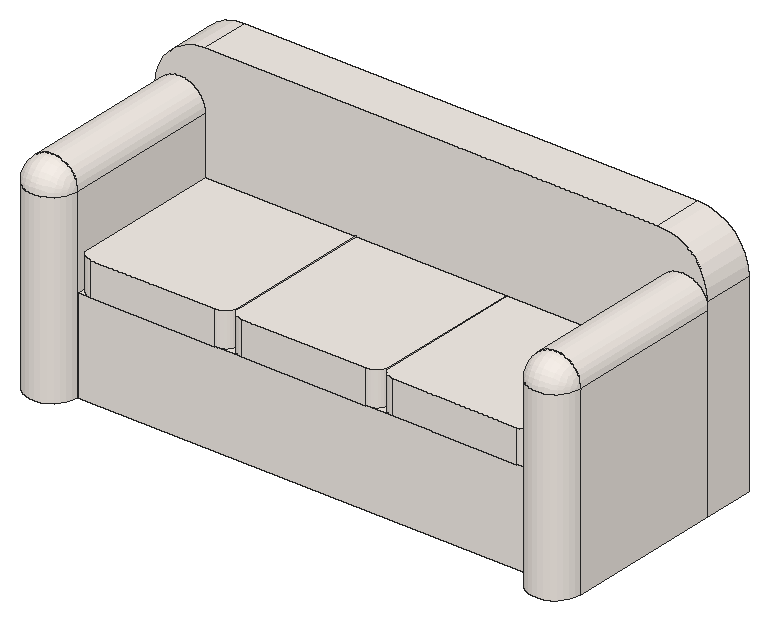
Revit family
Parameters (values of type "1650 x 700 mm")
  Material of Sofa = Sofa Upholstry  Material
  Length = 1650 mm
Reference planes
  plane 1 "Center (Front/Back)": y = 0
  plane 2: z = 0
  plane 3 "Center (Left/Right)": x = 0
  plane 4: z = 380
  plane 5: x = -825
  plane 6: x = 825
  plane 7: y = 350
  plane 8: y = -350
  plane 9: z = 625
  plane 10: z = 725
  plane 11: x = -225
  plane 12: x = -675
  plane 13: x = 225
  plane 14: x = 675
Forms (mm)
  Extrusion 1, solid, material "Sofa Upholstry  Material" <- "Material of Sofa"
    sketch origin (0, 0, 0) x (1, 0, 0) y (0, 1, 0)
      loop
        line (-825, 200) -> (-825, -275)
        arc (-825, -275) -> (-750, -350) -> (-675, -275) r 75
        line (-675, -275) -> (-675, 200) -> (-825, 200)
    from 0 to 550
  Sweep 2, solid, material "Sofa Upholstry  Material" <- "Material of Sofa"
    path origin (0, 0, 0) x (1, 0, 0) y (0, 1, 0)
      loop
        line (-675, -275) -> (-675, 200)
    profile origin (0, -37.5, 0) x (-1, 0, 0) y (0, 0, 1)
      loop
        line (675, 550) -> (825, 550)
        arc (825, 550) -> (750, 625) -> (675, 550) r 75
  Revolve 3, solid, material "Sofa Upholstry  Material" <- "Material of Sofa"
    sketch origin (0, 0, 550) x (0, -1, 0) y (1, 0, 0)
      loop
        arc (275, -825) -> (350, -750) -> (275, -675) r 75
        line (275, -675) -> (275, -825)
      axis (275, -825) -> (275, -675)
    angle from 0 to -90
  Sweep 4, solid, material "Sofa Upholstry  Material" <- "Material of Sofa"
    path origin (0, 0, 0) x (-1, 0, 0) y (0, -1, 0)
      loop
        line (-675, 275) -> (-675, -200)
    profile origin (0, -37.5, 0) x (1, 0, 0) y (0, 0, 1)
      loop
        line (675, 550) -> (825, 550)
        arc (825, 550) -> (750, 625) -> (675, 550) r 75
  Extrusion 5, solid, material "Sofa Upholstry  Material" <- "Material of Sofa"
    sketch origin (1500, 0, 0) x (1, 0, 0) y (0, 1, 0)
      loop
        line (-825, 200) -> (-825, -275)
        arc (-825, -275) -> (-750, -350) -> (-675, -275) r 75
        line (-675, -275) -> (-675, 200) -> (-825, 200)
    from 0 to 550
  Extrusion 6, solid, material "Sofa Upholstry  Material" <- "Material of Sofa"
    sketch origin (0, 0, 0) x (0, 1, 0) y (1, 0, 0)
      loop
        line (200, -675) -> (200, 675) -> (-275, 675) -> (-275, -675) -> (200, -675)
    from 0 to -280
  Extrusion 7, solid, material "Sofa Upholstry  Material" <- "Material of Sofa"
    sketch origin (0, 0, 0) x (-1, 0, 0) y (0, 1, 0)
      loop
        line (675, 200) -> (225, 200) -> (225, -235)
        arc (225, -235) -> (236.716, -263.284) -> (265, -275) r 40
        line (265, -275) -> (635, -275)
        arc (635, -275) -> (663.284, -263.284) -> (675, -235) r 40
        line (675, -235) -> (675, 200)
    from -280 to -380
  Extrusion 8, solid, material "Sofa Upholstry  Material" <- "Material of Sofa"
    sketch origin (450, 0, 0) x (-1, 0, 0) y (0, 1, 0)
      loop
        line (675, 200) -> (225, 200) -> (225, -235)
        arc (225, -235) -> (236.716, -263.284) -> (265, -275) r 40
        line (265, -275) -> (635, -275)
        arc (635, -275) -> (663.284, -263.284) -> (675, -235) r 40
        line (675, -235) -> (675, 200)
    from -280 to -380
  Extrusion 9, solid, material "Sofa Upholstry  Material" <- "Material of Sofa"
    sketch origin (900, 0, 0) x (-1, 0, 0) y (0, 1, 0)
      loop
        line (675, 200) -> (225, 200) -> (225, -235)
        arc (225, -235) -> (236.716, -263.284) -> (265, -275) r 40
        line (265, -275) -> (635, -275)
        arc (635, -275) -> (663.284, -263.284) -> (675, -235) r 40
        line (675, -235) -> (675, 200)
    from -280 to -380
  Extrusion 10, solid, material "Sofa Upholstry  Material" <- "Material of Sofa"
    sketch origin (0, 0, 0) x (1, 0, 0) y (0, 0, 1)
      loop
        line (825, 0) -> (825, 575)
        arc (825, 575) -> (781.066, 681.066) -> (675, 725) r 150
        line (675, 725) -> (-675, 725)
        arc (-675, 725) -> (-781.066, 681.066) -> (-825, 575) r 150
        line (-825, 575) -> (-825, 0) -> (825, 0)
    from -200 to -350
  Revolve 11, solid, material "Sofa Upholstry  Material" <- "Material of Sofa"
    sketch origin (0, 0, 550) x (0, 1, 0) y (-1, 0, 0)
      loop
        line (-275, -825) -> (-275, -675)
        arc (-275, -675) -> (-350, -750) -> (-275, -825) r 75
      axis (-275, -825) -> (-275, -675)
    angle from 0 to -90
Dimensions and locks
  equal spacing: plane 5, plane 3 "Center (Left/Right)", plane 6
  "Length": plane 5 to plane 6
  locked: plane 8 to plane 7 at 700
  level to plane 4 = 380 mm
  level to plane 9 = 625 mm
  locked: plane 10 to level at 725
  locked: plane 5 to plane 12 at 150
  locked: plane 14 to plane 6 at 150
  equal spacing: plane 12, plane 11, plane 13, plane 14
  aligned and locked: Sweep 2 sketch curve to Extrusion 1  (x2)
  aligned and locked: Extrusion 1 to Sweep 2 sketch curve
  aligned and locked: Revolve 3 sketch curve to Sweep 2
  aligned and locked: Revolve 3 sketch curve to Extrusion 1
  aligned and locked: Extrusion 9 to Extrusion 6
  aligned and locked: Extrusion 8 to Extrusion 6
  aligned and locked: plane 10 to Extrusion 10
  aligned and locked: Extrusion 7 to Extrusion 1
  aligned and locked: Sweep 4 to Extrusion 9
  aligned and locked: plane 11 to Extrusion 7 sketch curve
  aligned and locked: Extrusion 8 sketch curve to Extrusion 7
  aligned and locked: Extrusion 8 sketch curve to plane 13
  aligned and locked: Extrusion 9 sketch curve to Extrusion 8  (x2)
Automatic sketch dimensions
  Extrusion 1 sketch curve to plane 5 = 0 mm
  plane 5 to Extrusion 1 sketch curve = 75 mm
  Extrusion 1 sketch curve to plane 8 = 75 mm
  plane 7 to Extrusion 1 sketch curve = 150 mm
  Sweep 2 sketch curve to plane 8 = 75 mm
  plane 7 to Sweep 2 sketch curve = 150 mm
  Sweep 2 sketch curve to profile plane = 75 mm
  Revolve 3 sketch curve to Revolve 3 sketch curve = 0 mm
  Revolve 3 sketch curve to plane 5 = 35 mm
  Revolve 3 sketch curve to Revolve 3 sketch curve = 45 mm
  Sweep 4 sketch curve to plane 6 = 150 mm
  plane 7 to Sweep 4 sketch curve = 150 mm
  Sweep 4 sketch curve to plane 8 = 75 mm
  Sweep 4 sketch curve to profile plane = 0 mm
  Sweep 4 sketch curve to Sweep 4 sketch curve = 75 mm
  Extrusion 5 sketch curve to plane 6 = 0 mm
  Extrusion 5 sketch curve to Extrusion 5 sketch curve = 75 mm
  Extrusion 5 sketch curve to plane 8 = 75 mm
  plane 7 to Extrusion 5 sketch curve = 150 mm
  Extrusion 6 sketch curve to plane 8 = 75 mm
  plane 7 to Extrusion 6 sketch curve = 150 mm
  Extrusion 6 sketch curve to plane 6 = 150 mm
  plane 5 to Extrusion 6 sketch curve = 150 mm
  Extrusion 10 sketch curve to level = 0 mm
  Extrusion 10 sketch curve to plane 5 = 0 mm
  Extrusion 10 sketch curve to plane 10 = 0 mm
  Extrusion 10 sketch curve to plane 6 = 0 mm
  plane 5 to Extrusion 10 sketch curve = 150 mm
  Extrusion 10 sketch curve to plane 6 = 150 mm
  Revolve 11 sketch curve to plane 6 = 0 mm
  Revolve 11 sketch curve to plane 8 = 75 mm
  Revolve 11 sketch curve to Revolve 11 sketch curve = 0 mm
  plane 6 to Revolve 11 sketch curve = 35 mm
  Revolve 11 sketch curve to Revolve 11 sketch curve = 75 mm
  Revolve 11 sketch curve to Revolve 11 sketch curve = 45 mm
  Extrusion 7 sketch curve to Extrusion 6 = 0 mm  (x3)
  Extrusion 6 to Extrusion 7 sketch curve = 40 mm  (x2)
  Extrusion 8 sketch curve to plane 8 = 75 mm
  plane 13 to Extrusion 8 sketch curve = 40 mm
  Extrusion 8 sketch curve to Extrusion 8 sketch curve = 40 mm
  plane 7 to Extrusion 8 sketch curve = 150 mm
  Extrusion 9 sketch curve to plane 14 = 0 mm
  plane 14 to Extrusion 9 sketch curve = 40 mm
  Extrusion 9 sketch curve to plane 13 = 40 mm
  Extrusion 9 sketch curve to plane 8 = 115 mm
